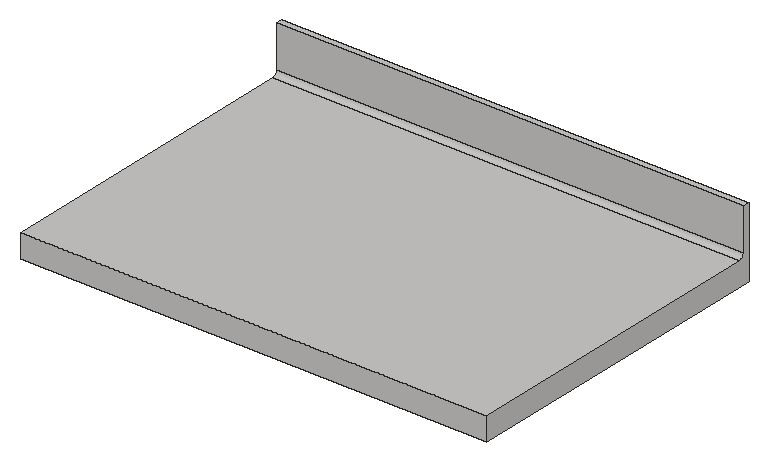
Revit family "QF_ELECTROLUXPROFESSIONAL_133200_NSTPLA10A", category Specialty Equipment, Revit 2018
Family settings
  Round Connector Dimension = Use Diameter
  Part Type = Normal
  Work Plane-Based = No
  Always vertical = Yes
  Cut with Voids When Loaded = No
  Shared = No
  Room Calculation Point = No
Parameters
  Weight = 0.00 kg
  Watts = 0 W
  Volts = 0 V
  URL Manufacturer = "http://professional.electrolux.com/"
  URL = "http://professional.electrolux.com/"
  Steam Supply Size = 0 mm
  Steam Supply Minimum Pressure = 0.0 Pa
  Steam Supply Maximum Pressure = 0.0 Pa
  Steam Pounds per Hour = 0
  Refrigeration Suction Line Size = 0 mm
  Refrigeration Liquid Line Size = 0 mm
  Refrigerant Compressor Remote = yes
  Manufacturer = "Electrolux"
  Phase = 0
  Model = "NSTPLA10A"
  Length Actual = 1000.00 mm  # constant formula
  L [instance] = 1000.00 mm
  Item Number = "133200"
  Hot Water Size = 0 mm
  Height Actual = 150.00 mm  # constant formula
  HP = "0 HP"
  Gas Size = 0 mm
  Gas KW = 0
  Gas Input Pressure = 0 W
  Direct Waste Size = 0 mm
  Description = "WORK TOP WITH UPSTAND 1000MM"
  Depth Actual = 700.00 mm  # constant formula
  Cycle = 0 Hz
  Condensate Return Size = 0 mm
  Compressed Air Volume = 0.0 L/s
  Compressed Air Size = 0 mm
  Compressed Air Pressure = 0.0 Pa
  Cold Water Size = 0 mm
  Accessory = yes
Reference planes
  plane 1 "Center (Front/Back)": y = 0
  plane 2: z = 0
  plane 3 "Center (Left/Right)": x = 0
  plane 4: x = -500
  plane 5: x = 500
  plane 6: y = -350
  plane 7: y = 350
  plane 8: z = 900
  plane 9: z = 850
Forms (mm)
  Extrusion 1, void
    sketch origin (-1686.111, -1524, 850) x (0, -1, 0) y (-1, 0, 0)
      loop
        line (-1868.5, -1191.611) -> (-1868.5, -2180.611) -> (-1179.5, -2180.611) -> (-1179.5, -1191.611) -> (-1868.5, -1191.611)
    from 0 to -33
  Extrusion 2, solid, material "QF_Finishes_Stainless Steel"
    sketch origin (-500, 405.202, 4000) x (0, 1, 0) y (0, 0, 1)
      loop
        line (-55.202, -3000) -> (-68.202, -3000) -> (-68.202, -3090)
        arc (-68.202, -3090) -> (-71.131, -3097.071) -> (-78.202, -3100) r 10
        line (-78.202, -3100) -> (-755.202, -3100) -> (-755.202, -3150) -> (-55.202, -3150) -> (-55.202, -3000)
    from 0 to 1000
Cuts and joins
  Extrusion 1 cuts Extrusion 2
Lines and regions (mm)
  symbolic lines, style "SpecialityEquipment"
    curve 1: line (-500, 350, 0) -> (500, 350, 0)
    curve 2: line (-500, -350, 0) -> (-500, 350, 0)
    curve 3: line (500, -350, 0) -> (-500, -350, 0)
    curve 4: line (500, 350, 0) -> (500, -350, 0)
    curve 5: line (-500, 337, 0) -> (500, 337, 0)
Dimensions and locks
  equal spacing: plane 7, plane 1 "Center (Front/Back)", plane 6
  plane 6 to plane 1 "Center (Front/Back)" = 350.00 mm
  equal spacing: plane 4, plane 3 "Center (Left/Right)", plane 5
  plane 8 to level = 900.00 mm
  "L": plane 4 to plane 5
  aligned and locked: level to plane 2
  aligned and locked: curve 1 to plane 7
  aligned and locked: plane 4 to curve 2
  aligned and locked: plane 6 to curve 3
  aligned and locked: curve 4 to plane 5
  aligned and locked: plane 5 to cut or joined group of Extrusion 1, Extrusion 2
Automatic sketch dimensions
  Extrusion 2 sketch curve to plane 6 = 0.00 mm
  Extrusion 2 sketch curve to plane 8 = 0.00 mm
  Extrusion 2 sketch curve to plane 7 = 0.00 mm
  Extrusion 2 sketch curve to plane 9 = 0.00 mm
  Extrusion 2 sketch curve to plane 7 = 23.00 mm
  Extrusion 2 sketch curve to Extrusion 2 sketch curve = 13.00 mm
  Extrusion 2 sketch curve to Extrusion 2 sketch curve = 90.00 mm
  curve 5 to plane 7 = 13.00 mm
  Extrusion 1 sketch curve to plane 7 = 5.50 mm
  plane 6 to Extrusion 1 sketch curve = 5.50 mm
  plane 4 to Extrusion 1 sketch curve = 5.50 mm
  Extrusion 1 sketch curve to plane 5 = 5.50 mm
